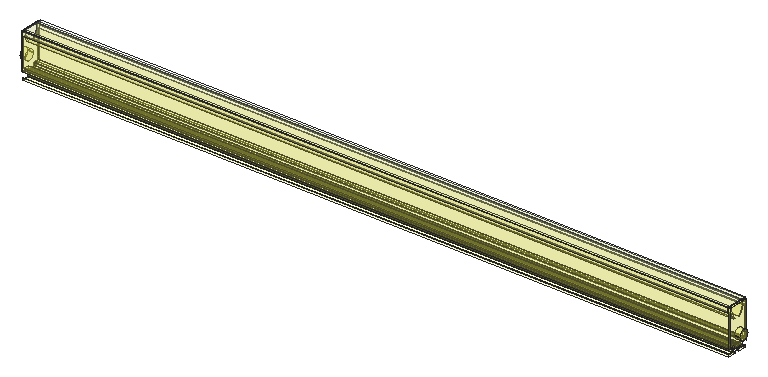
Revit family "NutriLED", category Lighting Fixtures, host Face, Revit 2012
Parameters (values of type "NGL 24")
  Wattage = 9.2903 W
  built-in parameter 1150110 = 1 (stored number, unit not read)
  Voltage = 120 V
  URL = "http://www.hubbellindustrial.com/"
  built-in parameter 1114217 = 1 (stored number, unit not read)
  Tilt Angle = -90.00°
  built-in parameter 1150109 = 1 (stored number, unit not read)
  built-in parameter 1150134 = 3
  built-in parameter 1150113 = 1 (stored number, unit not read)
  Product Page URL = "http://www.hubbellindustrial.com/products/nutriled"
  Product Material = Aluminum
  Product Documentation Link = "http://www.hubbellindustrial.com/content/products/specs/specs_files/hil0082_nutriled_spec.pdf"
  Photometric Web File = "14.00782.IES"
  Nominal Watts = 62 W
  Model = "NutriLED"  # constant formula
  Manufacturer Phone = "864-678-1000"  # constant formula
  Manufacturer Fax = "866-898-0131"  # constant formula
  Manufacturer = "Hubbell Industrial Lighting"  # constant formula
  built-in parameter 1150105 = 109.82 (stored number, unit not read)
  Lumens = 1380 lm
  built-in parameter 1150115 = 1 (stored number, unit not read)
  built-in parameter 1150137 = (empty or 0)
  built-in parameter 1150139 = (empty or 0)
  Length = 50.000"
  built-in parameter 1150112 = 1 (stored number, unit not read)
  built-in parameter 1150114 = 1 (stored number, unit not read)
  Lamp = "LED"
  built-in parameter 1150132 = (empty or 0)
  built-in parameter 1150102 = (empty or 0)
  built-in parameter 1150107 = 3200 (stored number, unit not read)
  built-in parameter 1150138 = (empty or 0)
  built-in parameter 1150106 = 1.0982 (stored number, unit not read)
  Glass = Glass
  Emit from Line Length = 24.000"
  built-in parameter 1150104 = 13.8 (stored number, unit not read)
  Dimming Lamp Color Temperature Shift = <None>
  Description = "LED Horticultural Light"  # constant formula
  Default Elevation = 48.000"
  Cover Material = Black
  Color Filter = 16777215
  built-in parameter 1114218 = 1 (stored number, unit not read)
  built-in parameter 1150133 = 10 (stored number, unit not read)
  Apparent Load = 0 VA
Types (2): name | Length
  NGL 24 | 50.000"
  NGL 12 | 25.000"
Reference planes (in)
  plane 1 "Center (Front/Back)": y = 0
  plane 2: z = 0
  plane 3 "Center (Left/Right)": x = 0
Dimensions and locks (in)
  aligned and locked: plane 2 to host face
  aligned and locked: level to host face
  aligned and locked: plane 3 "Center (Left/Right)" to nested 1
  aligned and locked: plane 1 "Center (Front/Back)" to nested 1
Nested families (in)
  nested 1: "NGL" at (0, 0, 0), A <- "Length", Product Material <- "Product Material", Lens <- "Glass", Finish <- "Cover Material", type "NGL"
    with Product Material Aluminum, Lens Glass, Finish Black, A 50.000"
Connectors (in)
  electrical at (24.63069, 0, 1.25), driven by "Voltage", driven by "Description"
    settings: on nested 1, index 1, voltage 120 V, apparent load 0 VA, apparent load phase1 0 VA, apparent load phase2 0 VA, apparent load phase3 0 VA, power factor 1, load classification "Other", number of poles 1, system type 30, power factor state 1, is connector primary yes, connector utility no, sub classification motor no, connector description "LED Horticultural Light"
Definition of nested family "NGL"
  Parameters (values of type "NGL")
    URL = "http://www.hubbellindustrial.com/"
    Product Page URL = "http://www.hubbellindustrial.com/products/nutriled"
    Product Material [instance] = Aluminum
    Product Documentation Link = ""
    Manufacturer Phone = "1-864-678-1000"  # constant formula
    Manufacturer = "Hubbell Industrial Lighting"  # constant formula
    Lens [instance] = Glass
    Finish [instance] = Black
    C = 1.600"
    B = 3.080"
    A [instance] = 25.000"
  Reference planes (in)
    plane 1 "Center (Front/Back)": y = 0
    plane 2: z = 0
    plane 3 "Center (Left/Right)": x = 0
    plane 4: x = -12.5
    plane 5: x = 12.5
    plane 6: y = 0.8
    plane 7: y = -0.8
    plane 8: x = 12
    plane 9: x = 12.13069
    plane 10: x = -12
    plane 11: x = -12.13069
    plane 12: z = 3.08
  Forms (in)
    Extrusion 1, solid, material "Aluminum" <- "Product Material"
      sketch origin (0, 0, 3.08) x (0, 1, 0) y (0, 0, 1)
        loop
          line (0, -2.6835) -> (0.25, -2.6835) -> (0.25, -2.95883) -> (0.147, -2.95883) -> (0.147, -3.08) -> (0.71992, -3.08) -> (0.71992, -2.87818) -> (0.64482, -2.87818) -> (0.64482, -2.95883) -> (0.34446, -2.95883) -> (0.34446, -2.45883) -> (0.64482, -2.45883) -> (0.64482, -2.56391) -> (0.71992, -2.56391) -> (0.71992, 0) -> (0.4995, 0)
          arc (0.4995, 0) -> (0.39835, -0.49674) -> (0.14113, -0.93358) r 1.53727
          line (0.14113, -0.93358) -> (0.24642, -0.93358)
          arc (0.24642, -0.93358) -> (0.4416, -0.65754) -> (0.55019, -0.33739) r 1.17604
          line (0.55019, -0.33739) -> (0.64412, -0.33739) -> (0.64412, -2.35408) -> (0.26154, -2.35408) -> (0.26154, -2.58084) -> (0.09696, -2.58084) -> (0, -2.58084) -> (-0.09696, -2.58084) -> (-0.26154, -2.58084) -> (-0.26154, -2.35408) -> (-0.64412, -2.35408) -> (-0.64412, -0.33739) -> (-0.55019, -0.33739)
          arc (-0.55019, -0.33739) -> (-0.4416, -0.65754) -> (-0.24642, -0.93358) r 1.17604
          line (-0.24642, -0.93358) -> (-0.14113, -0.93358)
          arc (-0.14113, -0.93358) -> (-0.39835, -0.49674) -> (-0.4995, 0) r 1.53727
          line (-0.4995, 0) -> (-0.71992, 0) -> (-0.71992, -2.56391) -> (-0.64482, -2.56391) -> (-0.64482, -2.45883) -> (-0.34446, -2.45883) -> (-0.34446, -2.95883) -> (-0.64482, -2.95883) -> (-0.64482, -2.87818) -> (-0.71992, -2.87818) -> (-0.71992, -3.08) -> (-0.147, -3.08) -> (-0.147, -2.95883) -> (-0.25, -2.95883) -> (-0.25, -2.6835) -> (0, -2.6835)
      from -12 to 12
    Extrusion 2, solid, material "Glass" <- "Lens"
      sketch origin (0, 0, 3.08) x (0, 1, 0) y (0, 0, 1)
        loop
          line (0.8, -0.29537) -> (0.8, 0.06634) -> (-0.8, 0.06634) -> (-0.8, -0.29537) -> (-0.71992, -0.29537) -> (-0.71992, 0) -> (0.71992, 0) -> (0.71992, -0.29537) -> (0.8, -0.29537)
      from -12 to 12
    Extrusion 3, solid, material "Black" <- "Finish"
      sketch origin (0, 0, 3.08) x (0, 1, 0) y (0, 0, 1)
        loop
          circle (0, -1.83) r 0.35
      from 12.5 to 12.13069
    Extrusion 4, solid, material "Black" <- "Finish"
      sketch origin (0, 0, 3.08) x (0, 1, 0) y (0, 0, -1)
        loop
          circle (0, 1.83) r 0.35
      from 12.5 to 12.13069
    Extrusion 5, solid, material "Black" <- "Finish"
      sketch origin (0, 0, 3.08) x (0, 1, 0) y (0, 0, 1)
        loop
          line (0, -2.6835) -> (0.34446, -2.6835) -> (0.34446, -2.45883) -> (0.64482, -2.45883) -> (0.64482, -2.56391) -> (0.71992, -2.56391) -> (0.71992, 0) -> (-0.71992, 0) -> (-0.71992, -2.56391) -> (-0.64482, -2.56391) -> (-0.64482, -2.45883) -> (-0.34446, -2.45883) -> (-0.34446, -2.6835) -> (0, -2.6835)
      from 12 to 12.13069
    Extrusion 6, solid, material "Black" <- "Finish"
      sketch origin (0, 0, 3.08) x (0, 1, 0) y (0, 0, -1)
        loop
          line (0, 2.6835) -> (-0.34446, 2.6835) -> (-0.34446, 2.45883) -> (-0.64482, 2.45883) -> (-0.64482, 2.56391) -> (-0.71992, 2.56391) -> (-0.71992, 0) -> (0.71992, 0) -> (0.71992, 2.56391) -> (0.64482, 2.56391) -> (0.64482, 2.45883) -> (0.34446, 2.45883) -> (0.34446, 2.6835) -> (0, 2.6835)
      from 12 to 12.13069
  Dimensions and locks (in)
    equal spacing: plane 4, plane 3 "Center (Left/Right)", plane 5
    "A": plane 4 to plane 5
    equal spacing: plane 6, plane 1 "Center (Front/Back)", plane 7
    "C": plane 6 to plane 7
    plane 5 to plane 9 to plane 8 = 0.36931" locked, 0.13069" locked
    plane 4 to plane 11 to plane 10 = 0.36931" locked, 0.13069" locked
    "B": plane 12 to level
    aligned and locked: plane 2 to level
    aligned and locked: Extrusion 2 sketch curve to plane 6
    aligned and locked: Extrusion 2 sketch curve to plane 7
    aligned and locked: Extrusion 1 to Extrusion 2 sketch curve
    aligned and locked: Extrusion 2 sketch curve to Extrusion 1
    aligned and locked: plane 8 to Extrusion 2
    aligned and locked: Extrusion 1 to Extrusion 2
    aligned and locked: plane 10 to Extrusion 1
    aligned and locked: Extrusion 2 to Extrusion 1
    aligned and locked: plane 1 "Center (Front/Back)" to Extrusion 3 sketch curve
    aligned and locked: plane 5 to Extrusion 3
    aligned and locked: Extrusion 3 to plane 9
    aligned and locked: plane 1 "Center (Front/Back)" to Extrusion 4 sketch curve
    aligned and locked: Extrusion 4 to plane 11
    aligned and locked: plane 4 to Extrusion 4
    aligned and locked: plane 9 to Extrusion 5
    aligned and locked: Extrusion 5 to Extrusion 1
    aligned and locked: Extrusion 6 to Extrusion 1
    aligned and locked: plane 11 to Extrusion 6
    aligned and locked: plane 12 to Extrusion 2
  Automatic sketch dimensions
    Extrusion 1 sketch curve to plane 1 "Center (Front/Back)" = 0.000"  (x2)
    plane 1 "Center (Front/Back)" to Extrusion 1 sketch curve = 0.09696"
    plane 1 "Center (Front/Back)" to Extrusion 1 sketch curve = 0.14113"
    plane 1 "Center (Front/Back)" to Extrusion 1 sketch curve = 0.147"
    Extrusion 1 sketch curve to Extrusion 1 sketch curve = 0.10528"  (x2)
    Extrusion 1 sketch curve to Extrusion 1 sketch curve = 0.15304"  (x2)
    plane 1 "Center (Front/Back)" to Extrusion 1 sketch curve = 0.26154"
    Extrusion 1 sketch curve to Extrusion 1 sketch curve = 0.09446"
    plane 1 "Center (Front/Back)" to Extrusion 1 sketch curve = 0.4995"
    Extrusion 1 sketch curve to plane 7 = 0.24981"
    Extrusion 1 sketch curve to Extrusion 1 sketch curve = 0.10676"  (x2)
    Extrusion 1 sketch curve to plane 7 = 0.15588"
    Extrusion 1 sketch curve to plane 7 = 0.15518"  (x2)
    Extrusion 1 sketch curve to plane 7 = 0.08008"  (x2)
    level to Extrusion 1 sketch curve = 3.13416"  (x2)
    plane 7 to Extrusion 1 sketch curve = 0.23681"
    Extrusion 1 sketch curve to Extrusion 1 sketch curve = 0.09696"
    Extrusion 1 sketch curve to plane 1 "Center (Front/Back)" = 0.14113"
    Extrusion 1 sketch curve to plane 1 "Center (Front/Back)" = 0.147"
    Extrusion 1 sketch curve to plane 1 "Center (Front/Back)" = 0.26154"
    Extrusion 1 sketch curve to Extrusion 1 sketch curve = 0.08292"
    Extrusion 1 sketch curve to plane 6 = 0.3005"
    Extrusion 1 sketch curve to plane 6 = 0.24981"
    Extrusion 1 sketch curve to Extrusion 1 sketch curve = 0.09393"
    Extrusion 1 sketch curve to plane 6 = 0.15518"  (x2)
    Extrusion 1 sketch curve to plane 6 = 0.08008"  (x2)
    plane 6 to Extrusion 1 sketch curve = 0.23681"
    Extrusion 1 sketch curve to Extrusion 1 sketch curve = 0.000"  (x2)
    Extrusion 1 sketch curve to Extrusion 1 sketch curve = 0.08065"  (x2)
    Extrusion 1 sketch curve to Extrusion 1 sketch curve = 0.27533"
    Extrusion 1 sketch curve to Extrusion 1 sketch curve = 0.10266"
    Extrusion 1 sketch curve to Extrusion 1 sketch curve = 0.31427"  (x2)
    Extrusion 1 sketch curve to Extrusion 1 sketch curve = 0.122"  (x2)
    Extrusion 1 sketch curve to Extrusion 1 sketch curve = 0.10475"  (x2)
    level to Extrusion 1 sketch curve = 2.74261"
    Extrusion 1 sketch curve to Extrusion 1 sketch curve = 0.21375"
    level to Extrusion 2 sketch curve = 2.78463"  (x2)
    level to Extrusion 2 sketch curve = 3.14634"
    level to Extrusion 5 sketch curve = 3.080"
    Extrusion 5 sketch curve to plane 1 "Center (Front/Back)" = 0.000"
    plane 1 "Center (Front/Back)" to Extrusion 5 sketch curve = 0.34446"
    Extrusion 5 sketch curve to plane 7 = 0.15518"
    Extrusion 5 sketch curve to plane 7 = 0.08008"
    Extrusion 5 sketch curve to Extrusion 5 sketch curve = 0.34446"
    Extrusion 5 sketch curve to plane 6 = 0.15518"
    Extrusion 5 sketch curve to plane 6 = 0.08008"
    Extrusion 5 sketch curve to Extrusion 5 sketch curve = 0.10508"  (x2)
    level to Extrusion 6 sketch curve = 3.080"
    Extrusion 6 sketch curve to plane 1 "Center (Front/Back)" = 0.000"
    plane 1 "Center (Front/Back)" to Extrusion 6 sketch curve = 0.34446"
    Extrusion 6 sketch curve to plane 7 = 0.15518"
    Extrusion 6 sketch curve to plane 7 = 0.08008"
    Extrusion 6 sketch curve to Extrusion 6 sketch curve = 0.34446"
    Extrusion 6 sketch curve to plane 6 = 0.15518"
    Extrusion 6 sketch curve to plane 6 = 0.08008"
    Extrusion 6 sketch curve to Extrusion 6 sketch curve = 0.10508"  (x2)
    Extrusion 6 sketch curve to Extrusion 6 sketch curve = 0.22467"  (x2)
    Extrusion 1 sketch curve to level = 0.000"  (x2)
    Extrusion 1 sketch curve to Extrusion 1 sketch curve = 0.59619"
    Extrusion 2 sketch curve to Extrusion 2 sketch curve = 0.06634"
    level to Extrusion 3 sketch curve = 1.250"
    level to Extrusion 4 sketch curve = 1.250"
    level to Extrusion 1 sketch curve = 0.12117"  (x3)
    level to Extrusion 5 sketch curve = 0.62117"  (x2)
    level to Extrusion 5 sketch curve = 0.3965"
    level to Extrusion 6 sketch curve = 0.62117"
    radius of Extrusion 3 sketch curve = 0.350"
    radius of Extrusion 4 sketch curve = 0.350"
